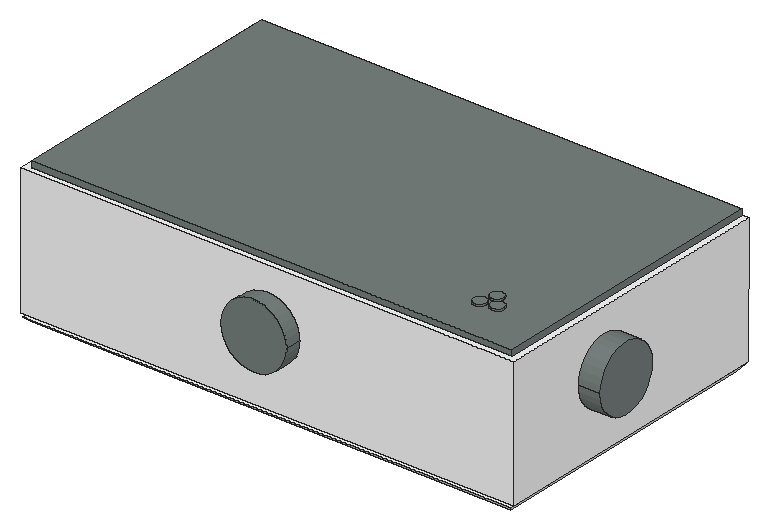
Revit family "AM 300 HHDIDE", category Mechanical Equipment, Revit 2019
Family settings
  Round Connector Dimension = Use Diameter
  Part Type = Normal
  OmniClass Number = 23.75.00.00
  OmniClass Title = Climate Control (HVAC)
  Work Plane-Based = No
  Always vertical = Yes
  Cut with Voids When Loaded = No
  Shared = No
  Room Calculation Point = No
Parameters
  Weight (Standard Unit) = 85  # constant formula
  Water Heating [instance] = yes
  Water Heater Surface Return = 15 mm  # constant formula
  Water Heater Surface IN = 15 mm  # constant formula
  Version number = "1.1"
  URL = "www.airmaster-as.com"
  Total Width = 1180 mm  # constant formula
  Total Hight = 344 mm  # constant formula
  T-C Duct Supply = 187 mm  # constant formula
  T-C Duct Exhaust = 187 mm  # constant formula
  Suply Air In = 160 mm  # constant formula
  R-C Duct Supply = 133 mm  # constant formula
  Publication date = "01.05.2023"
  Phase 1 - Max Power Consumption = "1175 W"
  Phase 1 - Max Current = "7,97 A"
  Nominal current, electrical preheating surface = "4,35 A"
  Nominal current, electrical comfort heating surface = "2,17 A"
  Nominal current, air handling unit = "1,45 A"
  Network Conection = "AWG 24 CAT 5e STP"
  Model = "AM 300 HHDIDE"
  Max. flow rate 35 dB(A) with ePM10 80% filters = 240.00 m³  # constant formula
  Max. flow rate 35 dB(A) with ePM10 55% filters = 270.00 m³  # constant formula
  Max. flow rate 35 dB(A) with ePM10 50% filters = 275.00 m³  # constant formula
  Max. flow rate 30 dB(A) with ePM10 80% filters = 180.00 m³  # constant formula
  Max. flow rate 30 dB(A) with ePM10 55% filters = 205.00 m³  # constant formula
  Max. flow rate 30 dB(A) with ePM10 50% filters = 210.00 m³  # constant formula
  Manufacturer = "Airmaster A/S"
  Maintenance [instance] = no
  L-C Duct Exhaust = 133 mm  # constant formula
  Extract air = 160 mm  # constant formula
  Exhaust Air = 160 mm  # constant formula
  Total Depth = 703 mm  # constant formula
  Electrical connection = "1 ~ 230 V / N / PE / 50 Hz"
  Drawn By = "LSB"
  Data Sheet = "https://www.airmaster-as.com/media/4938/15583-am300-en-rev-04.pdf"
  Condensate = 6 mm  # constant formula
  BMS Panel = "(PTS) 2x2x0,6"
  BMS Out = "(PTS) 2x2x0,6"
  BMS IN = "(PTS) 2x2x0,6"
  Airlow area [instance] = no
Reference planes
  plane 1 "Center (Front/Back)": y = 0
  plane 2: z = 0
  plane 3 "Center (Left/Right)": x = 0
  plane 4 "Center L/S": y = -703
  plane 5 "Center L/T": x = -590
  plane 6 "Center L/U": x = 590
  plane 7 "TOP": z = 344
  plane 8 "Center L/V": x = -575
  plane 9 "Center L/W": y = -688
  plane 10 "Center L/X": x = 575
  plane 11 "Panel Buttom": z = 20.747
  plane 12 "Panel Top": z = 330.347
  plane 13 "Hatch": z = 14.5
Forms (mm)
  Extrusion 1, solid, material "AM Grey"
    sketch origin (0, 0, 0) x (1, 0, 0) y (0, 1, 0)
      loop
        line (-575, 0) -> (-575, -688) -> (575, -688) -> (575, 0) -> (-575, 0)
    from 14.5 to 344
  Extrusion 2, solid, material "AM White"
    sketch origin (794.5, -1524, 20.747) x (0, -1, 0) y (-1, 0, 0)
      loop
        line (-1524, 1384.5) -> (-1524, 1369.5) -> (-836, 1369.5) -> (-836, 219.5) -> (-1524, 219.5) -> (-1524, 204.5) -> (-821, 204.5) -> (-821, 1384.5) -> (-1524, 1384.5)
    from 0 to -309.6
  Blend 3, solid, material "AM White"
    base sketch origin (-790.646, -1524, 14.5) x (0, -1, 0) y (1, 0, 0)
      loop
        line (-821, 207.613) -> (-821, 1373.657) -> (-1524, 1373.657) -> (-1524, 207.613) -> (-821, 207.613)
    top sketch origin (-790.646, -1524, 14.5) x (0, -1, 0) y (1, 0, 0)
      loop
        line (-836, 218.963) -> (-836, 1362.646) -> (-1509.161, 1362.646) -> (-1509.161, 218.963) -> (-836, 218.963)
    from 0 to -14.5
  Extrusion 4, solid, material "AM Grey"
    sketch origin (-575, 0, 0) x (1, 0, 0) y (0, 0, -1)
      loop
        circle (1032, -157) r 80
    from 0 to 18.45
  Extrusion 5, solid, material "AM Grey"
    sketch origin (-785, 0, 0) x (1, 0, 0) y (0, 0, -1)
      loop
        circle (328, -157) r 80
    from 0 to 18.45
  Extrusion 6, solid, material "Maintenece", visible <- "Maintenance"
    sketch origin (-790.646, -1524, 0) x (1, 0, 0) y (0, -1, 0)
      loop
        line (200.646, -1524) -> (1380.646, -1524) -> (1380.646, -821) -> (200.646, -821) -> (200.646, -1524)
    from 0 to 1200
  Extrusion 7, solid, material "AM Grey"
    sketch origin (0, 0, 344) x (1, 0, 0) y (0, 1, 0)
      loop
        circle (428.027, -549.273) r 15.55
    from 0 to 3
  Extrusion 8, solid, material "AM Grey"
    sketch origin (0, 0, 344) x (1, 0, 0) y (0, 1, 0)
      loop
        circle (452.132, -578.023) r 15.55
    from 0 to 3
  Extrusion 9, solid, material "AM Grey"
    sketch origin (0, 0, 344) x (1, 0, 0) y (0, 1, 0)
      loop
        circle (415.201, -584.535) r 15.55
    from 0 to 3
  Extrusion 10, solid, material "AM Grey", visible <- "Water Heating"
    sketch origin (-575, -688, 0) x (0, 1, 0) y (0, 0, -1)
      loop
        circle (325.216, -242.139) r 15.55
    from 0 to 36
  Extrusion 11, solid, material "AM Grey", visible <- "Water Heating"
    sketch origin (-575, -836.92, 39.903) x (0, 1, 0) y (0, 0, -1)
      loop
        circle (325.216, -242.139) r 15.55
    from 0 to 36
  Extrusion 12, solid, material "AM Grey"
    sketch origin (590, 0, 20.747) x (0, -1, 0) y (0, 0, -1)
      loop
        circle (433, -174.253) r 78
    from 0 to 54
  Extrusion 13, solid, material "AM Grey"
    sketch origin (575, -688, 0) x (-1, 0, 0) y (0, 0, -1)
      loop
        circle (575, -195) r 78
    from 0 to 54
Dimensions and locks
  "Total Depth": plane 4 "Center L/S" to plane 1 "Center (Front/Back)"
  equal spacing: plane 5 "Center L/T", plane 3 "Center (Left/Right)", plane 6 "Center L/U"
  "Total Width": plane 5 "Center L/T" to plane 6 "Center L/U"
  "Total Hight": plane 7 "TOP" to level
  locked: plane 10 "Center L/X" to plane 6 "Center L/U" at 15
  locked: plane 4 "Center L/S" to plane 9 "Center L/W" at 15
  locked: plane 5 "Center L/T" to plane 8 "Center L/V" at 15
  Extrusion 1 to Blend 3 sketch curve = 14.839 mm
  "R-C Duct Supply": plane 6 "Center L/U" to Extrusion 4 sketch curve
  "T-C Duct Exhaust": Extrusion 5 sketch curve to plane 7 "TOP"
  "L-C Duct Exhaust": Extrusion 5 sketch curve to plane 5 "Center L/T"
  "T-C Duct Supply": plane 7 "TOP" to Extrusion 4 sketch curve
  plane 7 "TOP" to Extrusion 12 sketch curve = 149 mm
  Extrusion 12 sketch curve to plane 1 "Center (Front/Back)" = 433 mm
  plane 7 "TOP" to Extrusion 13 sketch curve = 149 mm
  equal spacing: Extrusion 6, Extrusion 13 sketch curve, Extrusion 6
  "Suply Air In": diameter of Extrusion 4 sketch curve
  "Exhaust Air": diameter of Extrusion 5 sketch curve
  aligned and locked: level to plane 2
  aligned and locked: plane 1 "Center (Front/Back)" to Extrusion 1 sketch curve
  aligned and locked: plane 8 "Center L/V" to Extrusion 1 sketch curve
  aligned and locked: Extrusion 1 sketch curve to plane 9 "Center L/W"
  aligned and locked: Extrusion 1 sketch curve to plane 10 "Center L/X"
  aligned and locked: plane 7 "TOP" to Extrusion 1
  aligned and locked: plane 5 "Center L/T" to Extrusion 2 sketch curve
  aligned and locked: plane 4 "Center L/S" to Extrusion 2 sketch curve
  aligned and locked: plane 6 "Center L/U" to Extrusion 2 sketch curve
  aligned and locked: Extrusion 2 sketch curve to Extrusion 1  (x3)
  aligned and locked: plane 1 "Center (Front/Back)" to Extrusion 2 sketch curve
  aligned and locked: Extrusion 2 to plane 12 "Panel Top"
  aligned and locked: Blend 3 to plane 2
  aligned and locked: plane 13 "Hatch" to Extrusion 1
Automatic sketch dimensions
  plane 1 "Center (Front/Back)" to Extrusion 2 sketch curve = 0 mm
  plane 1 "Center (Front/Back)" to Blend 3 sketch curve = 0 mm
  plane 4 "Center L/S" to Blend 3 sketch curve = 0 mm
  plane 5 "Center L/T" to Blend 3 sketch curve = 6.967 mm
  Blend 3 sketch curve to plane 6 "Center L/U" = 6.989 mm
  plane 9 "Center L/W" to Blend 3 sketch curve = 0 mm
  plane 8 "Center L/V" to Blend 3 sketch curve = 3.316 mm
  Blend 3 sketch curve to plane 10 "Center L/X" = 3 mm
  Extrusion 6 sketch curve to Blend 3 = 18.316 mm
  Extrusion 6 sketch curve to Blend 3 = 18 mm
  Extrusion 6 sketch curve to Blend 3 = 15 mm
  Extrusion 6 sketch curve to Blend 3 = 14.839 mm
  Extrusion 7 sketch curve to Extrusion 1 = 146.973 mm
  Extrusion 7 sketch curve to Extrusion 1 = 138.727 mm
  Extrusion 8 sketch curve to Extrusion 1 = 122.868 mm
  Extrusion 8 sketch curve to Extrusion 1 = 109.977 mm
  Extrusion 9 sketch curve to Extrusion 1 = 159.799 mm
  Extrusion 9 sketch curve to Extrusion 1 = 103.465 mm
  Extrusion 1 to Extrusion 10 sketch curve = 101.861 mm
  Extrusion 10 sketch curve to Extrusion 1 = 325.216 mm
  Extrusion 1 to Extrusion 11 sketch curve = 61.958 mm
  Extrusion 11 sketch curve to Extrusion 1 = 176.296 mm
  radius of Extrusion 7 sketch curve = 15.55 mm
  radius of Extrusion 8 sketch curve = 15.55 mm
  radius of Extrusion 9 sketch curve = 15.55 mm
  radius of Extrusion 10 sketch curve = 15.55 mm
  radius of Extrusion 11 sketch curve = 15.55 mm
  radius of Extrusion 12 sketch curve = 78 mm
  radius of Extrusion 13 sketch curve = 78 mm
Nested families
  nested 1: "Model Label 2019" at (0, -361.924, 0), Label <- "Model", type "Model Label 2019"
    with Label "AM 300 HHDIDE"
Connectors
  electrical at (428.027, -549.273, 344)
    settings: on Extrusion 7, index 13, voltage 230 V, apparent load 0 VA, apparent load phase1 0 VA, apparent load phase2 0 VA, apparent load phase3 0 VA, power factor 0.55, load classification "Other", number of poles 1, system type 30, power factor state 1, is connector primary yes, connector utility no, sub classification motor no, connector description ""
  electrical at (452.132, -578.023, 344), driven by "BMS Out"
    settings: on Extrusion 8, index 14, voltage 0 V, apparent load 0 VA, apparent load phase1 0 VA, apparent load phase2 0 VA, apparent load phase3 0 VA, power factor 1, load classification "Other", number of poles 1, system type 5, power factor state 1, is connector primary no, connector utility no, sub classification motor no, connector description "(PTS) 2x2x0,6"
  electrical at (415.201, -584.535, 344), driven by "BMS IN"
    settings: on Extrusion 9, index 15, voltage 0 V, apparent load 0 VA, apparent load phase1 0 VA, apparent load phase2 0 VA, apparent load phase3 0 VA, power factor 1, load classification "Other", number of poles 1, system type 5, power factor state 1, is connector primary no, connector utility no, sub classification motor no, connector description "(PTS) 2x2x0,6"
  piping at (-611, -362.784, 242.139), diameter 15, driven by "Water Heater Surface IN"
    settings: on Extrusion 10, index 16, connector inside diameter 609.6 mm, connector length 0 mm, flow factor 0, pipe flow 0.0 L/s, pressure drop 0.0 Pa, fitting loss kfactor 0, connector angle 0.00°, fixture units 0, engagement length 0 mm, angle of deflection 0.00°, flow configuration 0, flow direction 0, fitting loss method 0, system type 19, joint type 0, gender type 0, connector reference index -1, connector utility 0, adjustable connector no, is connector primary yes, connector description ""
  piping at (-611, -511.704, 282.042), diameter 15, driven by "Water Heater Surface IN"
    settings: on Extrusion 11, index 17, connector inside diameter 609.6 mm, connector length 0 mm, flow factor 0, pipe flow 0.0 L/s, pressure drop 0.0 Pa, fitting loss kfactor 0, connector angle 0.00°, fixture units 0, engagement length 0 mm, angle of deflection 0.00°, flow configuration 0, flow direction 0, fitting loss method 0, system type 19, joint type 0, gender type 0, connector reference index -1, connector utility 0, adjustable connector no, is connector primary no, connector description ""
  hvac at (0, -688, 195), driven by "Suply Air In"
    settings: on Extrusion 13, index 20, duct flow 0.0 L/s, flow factor 0, pres drop 0.0 Pa, loss coef 0, conn angle 0.00°, conn width 304.8 mm, conn height 304.8 mm, conn diameter 160 mm, duct sys type 1, conn prof type 0, flow config 0, flow direction 2, loss method 0, conn ref index -1, conn util no, is conn primary yes, conn desc ""
  hvac at (590, -433, 195), driven by "Extract air"
    settings: on Extrusion 12, index 21, duct flow 0.0 L/s, flow factor 0, pres drop 0.0 Pa, loss coef 0, conn angle 0.00°, conn width 304.8 mm, conn height 304.8 mm, conn diameter 160 mm, duct sys type 2, conn prof type 0, flow config 0, flow direction 1, loss method 0, conn ref index -1, conn util no, is conn primary no, conn desc ""
  hvac at (-457, 0, 157), driven by "Exhaust Air"
    settings: on Extrusion 5, index 22, duct flow 0.0 L/s, flow factor 0, pres drop 0.0 Pa, loss coef 0, conn angle 0.00°, conn width 304.8 mm, conn height 304.8 mm, conn diameter 160 mm, duct sys type 1, conn prof type 0, flow config 0, flow direction 1, loss method 0, conn ref index -1, conn util no, is conn primary no, conn desc ""
  hvac at (457, 0, 157), driven by "Suply Air In"
    settings: on Extrusion 4, index 23, duct flow 0.0 L/s, flow factor 0, pres drop 0.0 Pa, loss coef 0, conn angle 0.00°, conn width 304.8 mm, conn height 304.8 mm, conn diameter 160 mm, duct sys type 3, conn prof type 0, flow config 0, flow direction 2, loss method 0, conn ref index -1, conn util no, is conn primary no, conn desc ""
Definition of nested family "Model Label 2019"
  Parameters (values of type "Model Label 2019")
    Label [instance] = ""
  Reference planes
    plane 1: y = 0
    plane 2: x = 0
  Text (mm)
    label "Label" at (-0.131, 0.049, 0), shows "Label"
